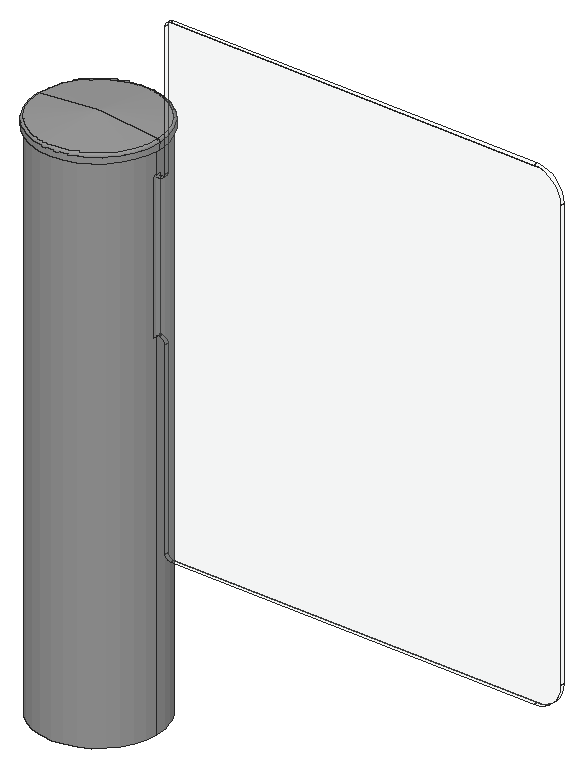
Revit family "ASSA_ABLOY_GS300", category Generic Models, Revit 2020
Family settings
  Can host rebar = No
  Round Connector Dimension = Use Diameter
  Part Type = Normal
  Work Plane-Based = No
  Always vertical = Yes
  Cut with Voids When Loaded = No
  Shared = No
  Room Calculation Point = No
Parameters (values of type "GS300")
  Width [instance] = 550.0 mm
  Weight = "Depends on configuration and size"
  WarrantyDescription = "Depends on country"
  Uniclass2 = ""
  URL = "https://www.assaabloyentrance.com"
  ThresholdRequired = no
  Shape = "Rectangular shaped"
  ServiceLifeDuration = "10-15 years"
  SerialNumber = "n/a"
  SelfClosing = yes
  SafetyDevices = "Force Limitations"
  ReplacementCost = "Depends on the configuration and door type"
  ReferenceStandard = "n/a"
  ProductionYear = "n/a"
  PassageWidthOptions = "550-1100"
  OperatingTemperature = "0º to +55ºC"
  OpenablePanelOpen [instance] = Door Open  # no
  OpenablePanelClose [instance] = not(Door Open)  # yes
  NominalWidth = 769.0 mm
  NominalLength = 219.0 mm
  NominalHeight = 1000.0 mm
  ModelReference = "Depends on the configuration"
  Model = "GS300"
  Material = "Aluminum"
  ManufacturerURL = "https://www.assaabloyentrance.com"
  Manufacturer = "Tansa"
  LeafColourOptions = "All RAL, customer specific"
  IssueDate = "n/a"
  IsExternal = yes
  HasDrive = yes
  HandicapAccessible = yes
  GlassType = "n/a"
  GlassThickness2 = 0.0 mm
  GlassThickness1 = 10.0 mm
  GlassLayers = 0
  Glass Height Input [instance] = 1
  Glass Height [instance] = if(Glass Height Input = 1, "1200 mm", if(Glass Height Input = 2, "1800 mm", "ERROR"))  # "1200 mm"
  Glazing Material [instance] = AssaAbloy_Glass
  FrameSeal = yes
  FrameProfile = "Aluminium"
  FrameFinishOptions = "Powder coated, Anodized, Clad in stainless steel, etc."
  Frame Material [instance] = AssaAbloy_Metal
  FireExit = yes
  Finish [instance] = "Powder coated, Anodized, stainless steel, customer specific"
  ElectronicLock = yes
  DrumWallOptions = "Metal"
  DoorsetOptions = "no"
  DoorsetOperation = "Automatic"
  DoorsetFasteners = "Screws"
  DoorIncluded = yes
  Door Open [instance] = no
  Description = "Swing Gate"
  Default Elevation = 0.0 mm
  Construction Type = "Swing Gate"
  Colour = "Customer specific"
  Clearance Zone Material [instance] = AssaAbloy_Clearance
  Clearance Zone [instance] = no
  Clear Opening Width [instance] = if(Clear Opening Width Input < Clear Opening Width Min, Clear Opening Width Min, if(Clear Opening Width Input > Clear Opening Width Max, Clear Opening Width Max, Clear Opening Width Input))  # 750.0 mm
  Clear Opening Width Min [instance] = 600.0 mm  # constant formula
  Clear Opening Width Max [instance] = 1000.0 mm  # constant formula
  Clear Opening Width Input [instance] = 750.0 mm
  Capacity = "n/a"
  Burglar resistance = "No"
  BreakoutFacility = no
  Author = "agtatec"
  AntiFingerTrapRequirement = no
  Anti-tailgating/Anti-piggybacking = "No"
  AccessoryOptions = "Contact manufacturer"
  Access control/Biometrics = "Yes"
Reference planes
  plane 1 "Center (Front/Back)": y = 0
  plane 2: z = 0
  plane 3 "Center (Left/Right)": x = 0
Dimensions and locks
  aligned and locked: level to plane 2
Nested families
  nested 1: "record_SGW220_OpenablePanel" at (0, 0, 0), visible <- "OpenablePanelClose", type "record_SGW220_OpenablePanel"
    with GlassHeight 1200.0 mm, Glass Height Type Input 1, COW 750.0 mm
  nested 2: "record_SGW220_OpenablePanel" at (0, 0, 0) x (0, 1, 0) z (0, 0, 1), visible <- "OpenablePanelOpen", type "record_SGW220_OpenablePanel"
    with GlassHeight 1200.0 mm, Glass Height Type Input 1, COW 750.0 mm
  nested 3: "record_SGW220_CZ" at (0, 0, 0), COW <- "Clear Opening Width", Glass Height  Input <- "Glass Height Input", Clearance Zone Material <- "Clearance Zone Material", Clearance Zone <- "Clearance Zone", type "record_SGW220_CZ"
    with Glass Height  Input 1, Clearance Zone Material AssaAbloy_Clearance, Clearance Zone no, CZGlassHeight 1202.0 mm, COW 750.0 mm
Definition of nested family "record_SGW220_OpenablePanel"
  Parameters (values of type "record_SGW220_OpenablePanel")
    Glazing Material = none
    GlassThickness = 8.0 mm  # constant formula
    GlassHeight = if(Glass Height Type Input = 1, 1200.0 mm, if(Glass Height Type Input = 2, 1800.0 mm, 1800.0 mm))  # 1800.0 mm
    Glass Height Type Input = 2
    Frame Material = none
    Default Elevation = 0.0 mm
    COW = 600.0 mm
  Reference planes
    plane 1 "Center (Front/Back)": y = 0
    plane 2: z = 0
    plane 3 "Center (Left/Right)": x = 0
    plane 4: x = 114
    plane 5: x = 714
    plane 6: z = 1800
    plane 7: y = 4.5
    plane 8: y = -3.5
  Forms (mm)
    Extrusion 1, solid, material <- "Glazing Material", detail levels fine
      sketch origin (0.1, 0, 48) x (1, 0, 0) y (0, 0, 1)
        loop
          arc (126.682, 895.5) -> (123.753, 888.429) -> (116.682, 885.5) r 10
          line (116.682, 885.5) -> (109.226, 885.5) -> (109.226, 620.5) -> (116.682, 620.5)
          arc (116.682, 620.5) -> (123.753, 617.571) -> (126.682, 610.5) r 10
          line (126.682, 610.5) -> (126.682, 262)
          arc (126.682, 262) -> (129.611, 254.929) -> (136.682, 252) r 10
          line (136.682, 252) -> (663.9, 252)
          arc (663.9, 252) -> (699.255, 266.645) -> (713.9, 302) r 50
          line (713.9, 302) -> (713.9, 1702)
          arc (713.9, 1702) -> (699.255, 1737.355) -> (663.9, 1752) r 50
          line (663.9, 1752) -> (136.682, 1752)
          arc (136.682, 1752) -> (129.611, 1749.071) -> (126.682, 1742) r 10
          line (126.682, 1742) -> (126.682, 895.5)
      from -4.5 to 3.5
    Extrusion 2, solid, material <- "Glazing Material", detail levels coarse+medium
      sketch origin (0.1, -0.5, 48) x (1, 0, 0) y (0, 0, 1)
        loop
          line (713.9, 1752) -> (-0.1, 1752) -> (-0.1, 252) -> (713.9, 252) -> (713.9, 1752)
      from -5 to 3
    Extrusion 3, solid, material <- "Frame Material", detail levels fine
      sketch origin (0, 0, 0) x (1, 0, 0) y (0, 1, 0)
        loop
          circle (0, 0) r 109.55
      from 2 to 979
    Extrusion 4, void
      sketch origin (60.791, 0, 0) x (1, 0, 0) y (0, 0, 1)
        loop
          line (48.535, 936) -> (48.535, 666) -> (60.8, 666) -> (60.8, 936) -> (48.535, 936)
      from -20 to 20
    Extrusion 5, solid, material <- "Frame Material", detail levels fine
      sketch origin (0, 0, 0) x (1, 0, 0) y (0, 1, 0)
        loop
          circle (0, 0) r 103.5
      from 0 to 2
    Revolve 6, solid, material <- "Frame Material", detail levels fine
      sketch origin (0, 0, -14.497) x (1, 0, 0) y (0, 0, 1)
        loop
          line (114, 993.497) -> (114, 1004.434)
          arc (114, 1004.434) -> (112.874, 1007.594) -> (110.005, 1009.332) r 5
          arc (110.005, 1009.332) -> (55.285, 1017.698) -> (0, 1020.497) r 547.5
          line (0, 1020.497) -> (0, 993.497) -> (114, 993.497)
        axis (0, 1020.497) -> (0, 993.497)
      angle from 0 to 360
  Cuts and joins
    Extrusion 4 cuts Extrusion 3
  Dimensions and locks
    "COW": plane 4 to plane 5
    plane 3 "Center (Left/Right)" to plane 4 = 114.0 mm
    "GlassHeight": plane 6 to plane 2
    "GlassThickness": plane 8 to plane 7
    aligned and locked: level to plane 2
    aligned and locked: Extrusion 1 to plane 7
    aligned and locked: plane 8 to Extrusion 1
    aligned and locked: Extrusion 2 sketch curve to plane 5
    aligned and locked: plane 6 to Extrusion 2 sketch curve
    aligned and locked: Extrusion 2 to plane 7
    aligned and locked: plane 8 to Extrusion 2
    aligned and locked: plane 6 to Extrusion 1 sketch curve
    aligned and locked: Extrusion 1 sketch curve to plane 5
  Automatic sketch dimensions
    Extrusion 2 sketch curve to plane 3 "Center (Left/Right)" = 0.0 mm
    level to Extrusion 2 sketch curve = 300.0 mm
    plane 1 "Center (Front/Back)" to Extrusion 3 sketch curve = 0.0 mm
    Extrusion 3 sketch curve to plane 3 "Center (Left/Right)" = 0.0 mm
    plane 3 "Center (Left/Right)" to Extrusion 4 sketch curve = 109.326 mm
    Extrusion 4 sketch curve to Extrusion 4 sketch curve = 12.265 mm
    plane 1 "Center (Front/Back)" to Extrusion 5 sketch curve = 0.0 mm
    Extrusion 5 sketch curve to plane 3 "Center (Left/Right)" = 0.0 mm
    Revolve 6 sketch curve to plane 3 "Center (Left/Right)" = 0.0 mm  (x2)
    Revolve 6 sketch curve to plane 4 = 0.0 mm
    Revolve 6 sketch curve to Revolve 6 sketch curve = 5.0 mm
    level to Revolve 6 sketch curve = 458.5 mm
    Revolve 6 sketch curve to Revolve 6 sketch curve = 10.937 mm
    Revolve 6 sketch curve to Revolve 6 sketch curve = 27.0 mm
    Revolve 6 sketch curve to level = 380.541 mm
    Revolve 6 sketch curve to plane 6 = 999.818 mm
    Extrusion 1 sketch curve to plane 4 = 4.674 mm
    plane 4 to Extrusion 1 sketch curve = 2.782 mm  (x2)
    plane 4 to Extrusion 1 sketch curve = 12.782 mm
    Extrusion 1 sketch curve to Extrusion 1 sketch curve = 10.0 mm  (x3)
    Extrusion 1 sketch curve to Extrusion 1 sketch curve = 50.0 mm
    Extrusion 1 sketch curve to Extrusion 1 sketch curve = 265.0 mm
    level to Extrusion 1 sketch curve = 350.0 mm
    plane 6 to Extrusion 1 sketch curve = 50.0 mm
    Extrusion 1 sketch curve to Extrusion 1 sketch curve = 348.5 mm
    level to Extrusion 4 sketch curve = 666.0 mm
    Extrusion 4 sketch curve to Extrusion 4 sketch curve = 270.0 mm
    Revolve 6 sketch curve to Revolve 6 sketch curve = 520.5 mm
    radius of Extrusion 3 sketch curve = 109.55 mm
    radius of Extrusion 5 sketch curve = 103.5 mm
Definition of nested family "record_SGW220_CZ"
  Parameters (values of type "record_SGW220_CZ")
    Glass Height  Input [instance] = 1
    Clearance Zone Material [instance] = none
    Clearance Zone [instance] = yes
    CZGlassHeight [instance] = if(Glass Height  Input = 1, 1200.0 mm + 2.0 mm, if(Glass Height  Input = 2, 1800.0 mm + 2.0 mm, 1800.0 mm + 2.0 mm))  # 1202.0 mm
    Default Elevation = 0.0 mm
    COW [instance] = 600.0 mm
  Reference planes
    plane 1 "Center (Front/Back)": y = 0
    plane 2: z = 0
    plane 3 "Center (Left/Right)": x = 0
    plane 4: x = 114
    plane 5: x = 714
    plane 6: z = 1202
    plane 7: y = 714
    plane 8: y = 114
  Forms (mm)
    Extrusion 1, solid, material <- "Clearance Zone Material", visible <- "Clearance Zone"
      sketch origin (0, 0, 0) x (1, 0, 0) y (0, 1, 0)
        loop
          line (-9.5, -8.5) -> (719, -8.5) -> (719, 719) -> (-9.5, 719) -> (-9.5, -8.5)
      from 0 to 1202
    Extrusion 2, solid, material <- "Clearance Zone Material", visible <- "Clearance Zone"
      sketch origin (-192.664, -285.637, 0) x (1, 0, 0) y (0, 1, 0)
        loop
          line (311.664, 404.637) -> (73.664, 404.637) -> (73.664, 166.637) -> (311.664, 166.637) -> (311.664, 404.637)
      from 0 to 1008
  Cuts and joins
    joined: Extrusion 1, Extrusion 2
  Dimensions and locks
    "COW": plane 4 to plane 5
    plane 3 "Center (Left/Right)" to plane 4 = 114.0 mm
    "CZGlassHeight": plane 6 to plane 2
    locked: plane 8 to plane 1 "Center (Front/Back)" at 114
    "COW": plane 7 to plane 8
    aligned and locked: level to plane 2
    aligned and locked: Extrusion 1 to plane 6
  Automatic sketch dimensions
    Extrusion 1 sketch curve to plane 3 "Center (Left/Right)" = 9.5 mm
    plane 5 to Extrusion 1 sketch curve = 5.0 mm
    plane 1 "Center (Front/Back)" to Extrusion 1 sketch curve = 8.5 mm
    plane 7 to Extrusion 1 sketch curve = 5.0 mm
    Extrusion 2 sketch curve to plane 3 "Center (Left/Right)" = 119.0 mm
    plane 4 to Extrusion 2 sketch curve = 5.0 mm
    plane 1 "Center (Front/Back)" to Extrusion 2 sketch curve = 119.0 mm
    plane 8 to Extrusion 2 sketch curve = 5.0 mm
